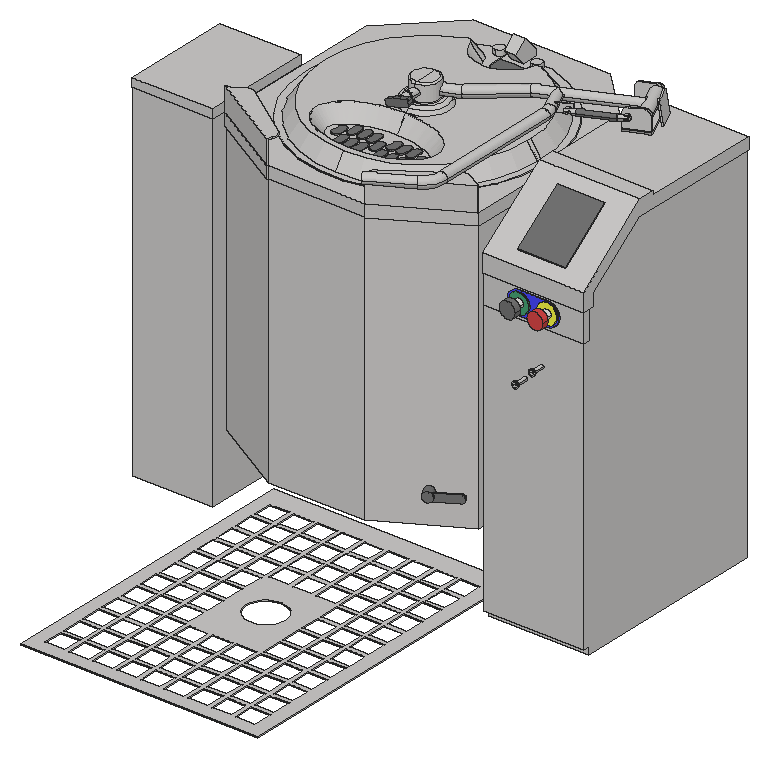
Revit family "QF_DIETATEC_CELER_80_180516035346", category Specialty Equipment, Revit 2015 (continued)
Definition of nested family "QF_Dietatec_CELER_80_FL"
  Lines and regions (mm)
    symbolic lines
      curve 163: line (383.5, -1234.5, 0) -> (433.5, -1234.5, 0)
      curve 164: line (383.5, -1184.5, 0) -> (383.5, -1234.5, 0)
      curve 165: line (433.5, -1184.5, 0) -> (383.5, -1184.5, 0)
      curve 166: line (433.5, -1234.5, 0) -> (433.5, -1184.5, 0)
      curve 167: line (443.5, -1234.5, 0) -> (493.5, -1234.5, 0)
      curve 168: line (443.5, -1184.5, 0) -> (443.5, -1234.5, 0)
      curve 169: line (493.5, -1184.5, 0) -> (443.5, -1184.5, 0)
      curve 170: line (493.5, -1234.5, 0) -> (493.5, -1184.5, 0)
      curve 171: line (503.5, -1234.5, 0) -> (553.5, -1234.5, 0)
      curve 172: line (503.5, -1184.5, 0) -> (503.5, -1234.5, 0)
      curve 173: line (553.5, -1184.5, 0) -> (503.5, -1184.5, 0)
      curve 174: line (553.5, -1234.5, 0) -> (553.5, -1184.5, 0)
      curve 175: line (563.5, -1234.5, 0) -> (613.5, -1234.5, 0)
      curve 176: line (563.5, -1184.5, 0) -> (563.5, -1234.5, 0)
      curve 177: line (613.5, -1184.5, 0) -> (563.5, -1184.5, 0)
      curve 178: line (613.5, -1234.5, 0) -> (613.5, -1184.5, 0)
      curve 179: line (83.5, -1174.5, 0) -> (133.5, -1174.5, 0)
      curve 180: line (83.5, -1124.5, 0) -> (83.5, -1174.5, 0)
      curve 181: line (133.5, -1124.5, 0) -> (83.5, -1124.5, 0)
      curve 182: line (133.5, -1174.5, 0) -> (133.5, -1124.5, 0)
      curve 183: line (143.5, -1174.5, 0) -> (193.5, -1174.5, 0)
      curve 184: line (143.5, -1124.5, 0) -> (143.5, -1174.5, 0)
      curve 185: line (193.5, -1124.5, 0) -> (143.5, -1124.5, 0)
      curve 186: line (193.5, -1174.5, 0) -> (193.5, -1124.5, 0)
      curve 187: line (203.5, -1174.5, 0) -> (253.5, -1174.5, 0)
      curve 188: line (203.5, -1124.5, 0) -> (203.5, -1174.5, 0)
      curve 189: line (253.5, -1124.5, 0) -> (203.5, -1124.5, 0)
      curve 190: line (253.5, -1174.5, 0) -> (253.5, -1124.5, 0)
      curve 191: line (263.5, -1174.5, 0) -> (313.5, -1174.5, 0)
      curve 192: line (263.5, -1124.5, 0) -> (263.5, -1174.5, 0)
      curve 193: line (313.5, -1124.5, 0) -> (263.5, -1124.5, 0)
      curve 194: line (313.5, -1174.5, 0) -> (313.5, -1124.5, 0)
      curve 195: line (323.5, -1174.5, 0) -> (373.5, -1174.5, 0)
      curve 196: line (323.5, -1124.5, 0) -> (323.5, -1174.5, 0)
      curve 197: line (373.5, -1124.5, 0) -> (323.5, -1124.5, 0)
      curve 198: line (373.5, -1174.5, 0) -> (373.5, -1124.5, 0)
      curve 199: line (383.5, -1174.5, 0) -> (433.5, -1174.5, 0)
      curve 200: line (383.5, -1124.5, 0) -> (383.5, -1174.5, 0)
      curve 201: line (433.5, -1124.5, 0) -> (383.5, -1124.5, 0)
      curve 202: line (433.5, -1174.5, 0) -> (433.5, -1124.5, 0)
      curve 203: line (443.5, -1174.5, 0) -> (493.5, -1174.5, 0)
      curve 204: line (443.5, -1124.5, 0) -> (443.5, -1174.5, 0)
      curve 205: line (493.5, -1124.5, 0) -> (443.5, -1124.5, 0)
      curve 206: line (493.5, -1174.5, 0) -> (493.5, -1124.5, 0)
      curve 207: line (503.5, -1174.5, 0) -> (553.5, -1174.5, 0)
      curve 208: line (503.5, -1124.5, 0) -> (503.5, -1174.5, 0)
      curve 209: line (553.5, -1124.5, 0) -> (503.5, -1124.5, 0)
      curve 210: line (553.5, -1174.5, 0) -> (553.5, -1124.5, 0)
      curve 211: line (563.5, -1174.5, 0) -> (613.5, -1174.5, 0)
      curve 212: line (563.5, -1124.5, 0) -> (563.5, -1174.5, 0)
      curve 213: line (613.5, -1124.5, 0) -> (563.5, -1124.5, 0)
      curve 214: line (613.5, -1174.5, 0) -> (613.5, -1124.5, 0)
      curve 215: line (83.5, -1114.5, 0) -> (133.5, -1114.5, 0)
      curve 216: line (83.5, -1064.5, 0) -> (83.5, -1114.5, 0)
      curve 217: line (133.5, -1064.5, 0) -> (83.5, -1064.5, 0)
      curve 218: line (133.5, -1114.5, 0) -> (133.5, -1064.5, 0)
      curve 219: line (143.5, -1114.5, 0) -> (193.5, -1114.5, 0)
      curve 220: line (143.5, -1064.5, 0) -> (143.5, -1114.5, 0)
      curve 221: line (193.5, -1064.5, 0) -> (143.5, -1064.5, 0)
      curve 222: line (193.5, -1114.5, 0) -> (193.5, -1064.5, 0)
      curve 223: line (203.5, -1114.5, 0) -> (253.5, -1114.5, 0)
      curve 224: line (203.5, -1064.5, 0) -> (203.5, -1114.5, 0)
      curve 225: line (253.5, -1064.5, 0) -> (203.5, -1064.5, 0)
      curve 226: line (253.5, -1114.5, 0) -> (253.5, -1064.5, 0)
      curve 227: line (263.5, -1114.5, 0) -> (313.5, -1114.5, 0)
      curve 228: line (263.5, -1064.5, 0) -> (263.5, -1114.5, 0)
      curve 229: line (313.5, -1064.5, 0) -> (263.5, -1064.5, 0)
      curve 230: line (313.5, -1114.5, 0) -> (313.5, -1064.5, 0)
      curve 231: line (323.5, -1114.5, 0) -> (373.5, -1114.5, 0)
      curve 232: line (323.5, -1064.5, 0) -> (323.5, -1114.5, 0)
      curve 233: line (373.5, -1064.5, 0) -> (323.5, -1064.5, 0)
      curve 234: line (373.5, -1114.5, 0) -> (373.5, -1064.5, 0)
      curve 235: line (383.5, -1114.5, 0) -> (433.5, -1114.5, 0)
      curve 236: line (383.5, -1064.5, 0) -> (383.5, -1114.5, 0)
      curve 237: line (433.5, -1064.5, 0) -> (383.5, -1064.5, 0)
      curve 238: line (433.5, -1114.5, 0) -> (433.5, -1064.5, 0)
      curve 239: line (443.5, -1114.5, 0) -> (493.5, -1114.5, 0)
      curve 240: line (443.5, -1064.5, 0) -> (443.5, -1114.5, 0)
      curve 241: line (493.5, -1064.5, 0) -> (443.5, -1064.5, 0)
      curve 242: line (493.5, -1114.5, 0) -> (493.5, -1064.5, 0)
      curve 243: line (503.5, -1114.5, 0) -> (553.5, -1114.5, 0)
      curve 244: line (503.5, -1064.5, 0) -> (503.5, -1114.5, 0)
      curve 245: line (553.5, -1064.5, 0) -> (503.5, -1064.5, 0)
      curve 246: line (553.5, -1114.5, 0) -> (553.5, -1064.5, 0)
      curve 247: line (563.5, -1114.5, 0) -> (613.5, -1114.5, 0)
      curve 248: line (563.5, -1064.5, 0) -> (563.5, -1114.5, 0)
      curve 249: line (613.5, -1064.5, 0) -> (563.5, -1064.5, 0)
      curve 250: line (613.5, -1114.5, 0) -> (613.5, -1064.5, 0)
      curve 251: line (83.5, -1054.5, 0) -> (133.5, -1054.5, 0)
      curve 252: line (83.5, -1004.5, 0) -> (83.5, -1054.5, 0)
      curve 253: line (133.5, -1004.5, 0) -> (83.5, -1004.5, 0)
      curve 254: line (133.5, -1054.5, 0) -> (133.5, -1004.5, 0)
      curve 255: line (143.5, -1054.5, 0) -> (193.5, -1054.5, 0)
      curve 256: line (143.5, -1004.5, 0) -> (143.5, -1054.5, 0)
      curve 257: line (193.5, -1004.5, 0) -> (143.5, -1004.5, 0)
      curve 258: line (193.5, -1054.5, 0) -> (193.5, -1004.5, 0)
      curve 259: line (203.5, -1054.5, 0) -> (253.5, -1054.5, 0)
      curve 260: line (203.5, -1004.5, 0) -> (203.5, -1054.5, 0)
      curve 261: line (253.5, -1004.5, 0) -> (203.5, -1004.5, 0)
      curve 262: line (253.5, -1054.5, 0) -> (253.5, -1004.5, 0)
      curve 263: line (263.5, -1054.5, 0) -> (313.5, -1054.5, 0)
      curve 264: line (263.5, -1004.5, 0) -> (263.5, -1054.5, 0)
      curve 265: line (313.5, -1004.5, 0) -> (263.5, -1004.5, 0)
      curve 266: line (313.5, -1054.5, 0) -> (313.5, -1004.5, 0)
      curve 267: line (323.5, -1054.5, 0) -> (373.5, -1054.5, 0)
      curve 268: line (323.5, -1004.5, 0) -> (323.5, -1054.5, 0)
      curve 269: line (373.5, -1004.5, 0) -> (323.5, -1004.5, 0)
      curve 270: line (373.5, -1054.5, 0) -> (373.5, -1004.5, 0)
      curve 271: line (383.5, -1054.5, 0) -> (433.5, -1054.5, 0)
      curve 272: line (383.5, -1004.5, 0) -> (383.5, -1054.5, 0)
      curve 273: line (433.5, -1004.5, 0) -> (383.5, -1004.5, 0)
      curve 274: line (433.5, -1054.5, 0) -> (433.5, -1004.5, 0)
      curve 275: line (443.5, -1054.5, 0) -> (493.5, -1054.5, 0)
      curve 276: line (443.5, -1004.5, 0) -> (443.5, -1054.5, 0)
      curve 277: line (493.5, -1004.5, 0) -> (443.5, -1004.5, 0)
      curve 278: line (493.5, -1054.5, 0) -> (493.5, -1004.5, 0)
      curve 279: line (503.5, -1054.5, 0) -> (553.5, -1054.5, 0)
      curve 280: line (503.5, -1004.5, 0) -> (503.5, -1054.5, 0)
      curve 281: line (553.5, -1004.5, 0) -> (503.5, -1004.5, 0)
      curve 282: line (553.5, -1054.5, 0) -> (553.5, -1004.5, 0)
      curve 283: line (563.5, -1054.5, 0) -> (613.5, -1054.5, 0)
      curve 284: line (563.5, -1004.5, 0) -> (563.5, -1054.5, 0)
      curve 285: line (613.5, -1004.5, 0) -> (563.5, -1004.5, 0)
      curve 286: line (613.5, -1054.5, 0) -> (613.5, -1004.5, 0)
      curve 287: line (83.5, -994.5, 0) -> (133.5, -994.5, 0)
      curve 288: line (83.5, -944.5, 0) -> (83.5, -994.5, 0)
      curve 289: line (133.5, -944.5, 0) -> (83.5, -944.5, 0)
      curve 290: line (133.5, -994.5, 0) -> (133.5, -944.5, 0)
      curve 291: line (143.5, -994.5, 0) -> (193.5, -994.5, 0)
      curve 292: line (143.5, -944.5, 0) -> (143.5, -994.5, 0)
      curve 293: line (193.5, -944.5, 0) -> (143.5, -944.5, 0)
      curve 294: line (193.5, -994.5, 0) -> (193.5, -944.5, 0)
      curve 295: line (203.5, -994.5, 0) -> (253.5, -994.5, 0)
      curve 296: line (203.5, -944.5, 0) -> (203.5, -994.5, 0)
      curve 297: line (253.5, -944.5, 0) -> (203.5, -944.5, 0)
      curve 298: line (253.5, -994.5, 0) -> (253.5, -944.5, 0)
      curve 299: line (443.5, -994.5, 0) -> (493.5, -994.5, 0)
      curve 300: line (443.5, -944.5, 0) -> (443.5, -994.5, 0)
      curve 301: line (493.5, -944.5, 0) -> (443.5, -944.5, 0)
      curve 302: line (493.5, -994.5, 0) -> (493.5, -944.5, 0)
      curve 303: line (503.5, -994.5, 0) -> (553.5, -994.5, 0)
      curve 304: line (503.5, -944.5, 0) -> (503.5, -994.5, 0)
      curve 305: line (553.5, -944.5, 0) -> (503.5, -944.5, 0)
      curve 306: line (553.5, -994.5, 0) -> (553.5, -944.5, 0)
      curve 307: line (563.5, -994.5, 0) -> (613.5, -994.5, 0)
      curve 308: line (563.5, -944.5, 0) -> (563.5, -994.5, 0)
      curve 309: line (613.5, -944.5, 0) -> (563.5, -944.5, 0)
      curve 310: line (613.5, -994.5, 0) -> (613.5, -944.5, 0)
      curve 311: line (83.5, -934.5, 0) -> (133.5, -934.5, 0)
      curve 312: line (83.5, -884.5, 0) -> (83.5, -934.5, 0)
      curve 313: line (133.5, -884.5, 0) -> (83.5, -884.5, 0)
      curve 314: line (133.5, -934.5, 0) -> (133.5, -884.5, 0)
      curve 315: line (143.5, -934.5, 0) -> (193.5, -934.5, 0)
      curve 316: line (143.5, -884.5, 0) -> (143.5, -934.5, 0)
      curve 317: line (193.5, -884.5, 0) -> (143.5, -884.5, 0)
      curve 318: line (193.5, -934.5, 0) -> (193.5, -884.5, 0)
      curve 319: line (203.5, -934.5, 0) -> (253.5, -934.5, 0)
      curve 320: line (203.5, -884.5, 0) -> (203.5, -934.5, 0)
      curve 321: line (253.5, -884.5, 0) -> (203.5, -884.5, 0)
      curve 322: line (253.5, -934.5, 0) -> (253.5, -884.5, 0)
      curve 323: line (443.5, -934.5, 0) -> (493.5, -934.5, 0)
      curve 324: line (443.5, -884.5, 0) -> (443.5, -934.5, 0)
      curve 325: line (493.5, -884.5, 0) -> (443.5, -884.5, 0)
      curve 326: line (493.5, -934.5, 0) -> (493.5, -884.5, 0)
      curve 327: line (503.5, -934.5, 0) -> (553.5, -934.5, 0)
      curve 328: line (503.5, -884.5, 0) -> (503.5, -934.5, 0)
      curve 329: line (553.5, -884.5, 0) -> (503.5, -884.5, 0)
      curve 330: line (553.5, -934.5, 0) -> (553.5, -884.5, 0)
      curve 331: line (563.5, -934.5, 0) -> (613.5, -934.5, 0)
      curve 332: line (563.5, -884.5, 0) -> (563.5, -934.5, 0)
      curve 333: line (613.5, -884.5, 0) -> (563.5, -884.5, 0)
      curve 334: line (613.5, -934.5, 0) -> (613.5, -884.5, 0)
      curve 335: line (83.5, -874.5, 0) -> (133.5, -874.5, 0)
      curve 336: line (83.5, -824.5, 0) -> (83.5, -874.5, 0)
      curve 337: line (133.5, -824.5, 0) -> (83.5, -824.5, 0)
      curve 338: line (133.5, -874.5, 0) -> (133.5, -824.5, 0)
      curve 339: line (143.5, -874.5, 0) -> (193.5, -874.5, 0)
      curve 340: line (143.5, -824.5, 0) -> (143.5, -874.5, 0)
      curve 341: line (193.5, -824.5, 0) -> (143.5, -824.5, 0)
      curve 342: line (193.5, -874.5, 0) -> (193.5, -824.5, 0)
      curve 343: line (203.5, -874.5, 0) -> (253.5, -874.5, 0)
      curve 344: line (203.5, -824.5, 0) -> (203.5, -874.5, 0)
      curve 345: line (253.5, -824.5, 0) -> (203.5, -824.5, 0)
      curve 346: line (253.5, -874.5, 0) -> (253.5, -824.5, 0)
      curve 347: line (443.5, -874.5, 0) -> (493.5, -874.5, 0)
      curve 348: line (443.5, -824.5, 0) -> (443.5, -874.5, 0)
      curve 349: line (493.5, -824.5, 0) -> (443.5, -824.5, 0)
      curve 350: line (493.5, -874.5, 0) -> (493.5, -824.5, 0)
      curve 351: line (503.5, -874.5, 0) -> (553.5, -874.5, 0)
      curve 352: line (503.5, -824.5, 0) -> (503.5, -874.5, 0)
      curve 353: line (553.5, -824.5, 0) -> (503.5, -824.5, 0)
      curve 354: line (553.5, -874.5, 0) -> (553.5, -824.5, 0)
      curve 355: line (563.5, -874.5, 0) -> (613.5, -874.5, 0)
      curve 356: line (563.5, -824.5, 0) -> (563.5, -874.5, 0)
      curve 357: line (613.5, -824.5, 0) -> (563.5, -824.5, 0)
      curve 358: line (613.5, -874.5, 0) -> (613.5, -824.5, 0)
      curve 359: line (83.5, -814.5, 0) -> (133.5, -814.5, 0)
      curve 360: line (83.5, -764.5, 0) -> (83.5, -814.5, 0)
      curve 361: line (133.5, -764.5, 0) -> (83.5, -764.5, 0)
      curve 362: line (133.5, -814.5, 0) -> (133.5, -764.5, 0)
      curve 363: line (143.5, -814.5, 0) -> (193.5, -814.5, 0)
      curve 364: line (143.5, -764.5, 0) -> (143.5, -814.5, 0)
      curve 365: line (193.5, -764.5, 0) -> (143.5, -764.5, 0)
      curve 366: line (193.5, -814.5, 0) -> (193.5, -764.5, 0)
      curve 367: line (203.5, -814.5, 0) -> (253.5, -814.5, 0)
      curve 368: line (203.5, -764.5, 0) -> (203.5, -814.5, 0)
      curve 369: line (253.5, -764.5, 0) -> (203.5, -764.5, 0)
      curve 370: line (253.5, -814.5, 0) -> (253.5, -764.5, 0)
      curve 371: line (443.5, -814.5, 0) -> (493.5, -814.5, 0)
      curve 372: line (443.5, -764.5, 0) -> (443.5, -814.5, 0)
      curve 373: line (493.5, -764.5, 0) -> (443.5, -764.5, 0)
      curve 374: line (493.5, -814.5, 0) -> (493.5, -764.5, 0)
      curve 375: line (503.5, -814.5, 0) -> (553.5, -814.5, 0)
      curve 376: line (503.5, -764.5, 0) -> (503.5, -814.5, 0)
      curve 377: line (553.5, -764.5, 0) -> (520.361, -764.5, 0)
      curve 378: line (553.5, -814.5, 0) -> (553.5, -764.5, 0)
      curve 379: line (563.5, -814.5, 0) -> (613.5, -814.5, 0)
      curve 380: line (563.5, -764.5, 0) -> (563.5, -814.5, 0)
      curve 381: line (613.5, -764.5, 0) -> (563.5, -764.5, 0)
      curve 382: line (613.5, -814.5, 0) -> (613.5, -764.5, 0)
      curve 383: line (83.5, -754.5, 0) -> (133.5, -754.5, 0)
      curve 384: line (83.5, -704.5, 0) -> (83.5, -754.5, 0)
      curve 385: line (133.5, -704.5, 0) -> (83.5, -704.5, 0)
      curve 386: line (133.5, -754.5, 0) -> (133.5, -704.5, 0)
      curve 387: line (143.5, -754.5, 0) -> (193.5, -754.5, 0)
      curve 388: line (143.5, -704.5, 0) -> (143.5, -754.5, 0)
      curve 389: line (193.5, -704.5, 0) -> (143.5, -704.5, 0)
      curve 390: line (193.5, -754.5, 0) -> (193.5, -704.5, 0)
      curve 391: line (203.5, -754.5, 0) -> (253.5, -754.5, 0)
      curve 392: line (203.5, -704.5, 0) -> (203.5, -754.5, 0)
      curve 393: line (211.034, -704.5, 0) -> (203.5, -704.5, 0)
      curve 394: line (253.5, -754.5, 0) -> (253.5, -710, 0)
      curve 395: line (263.5, -754.5, 0) -> (313.5, -754.5, 0)
      curve 396: line (263.5, -710, 0) -> (263.5, -754.5, 0)
      curve 397: line (313.5, -754.5, 0) -> (313.5, -710, 0)
      curve 398: line (323.5, -754.5, 0) -> (373.5, -754.5, 0)
      curve 399: line (323.5, -710, 0) -> (323.5, -754.5, 0)
      curve 400: line (373.5, -754.5, 0) -> (373.5, -710, 0)
      curve 401: line (383.5, -754.5, 0) -> (433.5, -754.5, 0)
      curve 402: line (383.5, -710, 0) -> (383.5, -754.5, 0)
      curve 403: line (433.5, -754.5, 0) -> (433.5, -710, 0)
      curve 404: line (443.5, -754.5, 0) -> (493.5, -754.5, 0)
      curve 405: line (443.5, -710, 0) -> (443.5, -754.5, 0)
      curve 406: line (493.5, -704.5, 0) -> (485.966, -704.5, 0)
      curve 407: line (493.5, -754.5, 0) -> (493.5, -704.5, 0)
      curve 408: line (537.681, -754.5, 0) -> (553.5, -754.5, 0)
      curve 409: line (503.5, -704.5, 0) -> (503.5, -745.367, 0)
      curve 410: line (553.5, -704.5, 0) -> (503.5, -704.5, 0)
      curve 411: line (553.5, -754.5, 0) -> (553.5, -745.367, 0)
      curve 412: line (563.5, -754.5, 0) -> (613.5, -754.5, 0)
      curve 413: line (563.5, -704.5, 0) -> (563.5, -710.726, 0)
      curve 414: line (574.284, -704.5, 0) -> (563.5, -704.5, 0)
      curve 415: line (613.5, -754.5, 0) -> (613.5, -710.225, 0)
      curve 416: line (83.5, -694.5, 0) -> (133.5, -694.5, 0)
      curve 417: line (83.5, -644.5, 0) -> (83.5, -694.5, 0)
      curve 418: line (107.111, -644.5, 0) -> (83.5, -644.5, 0)
      curve 419: line (133.5, -694.5, 0) -> (133.5, -659.736, 0)
      curve 420: line (143.5, -694.5, 0) -> (193.713, -694.5, 0)
      curve 421: line (143.5, -665.509, 0) -> (143.5, -694.5, 0)
      curve 422: line (503.287, -694.5, 0) -> (553.5, -694.5, 0)
      curve 423: line (553.5, -694.5, 0) -> (553.5, -665.509, 0)
      curve 424: line (563.5, -694.5, 0) -> (591.604, -694.5, 0)
      curve 425: line (563.5, -659.736, 0) -> (563.5, -694.5, 0)
      curve 426: line (613.5, -644.5, 0) -> (595.852, -644.5, 0)
      curve 427: line (1.5, -526, 0) -> (0, -526, 0)
      curve 428: line (1.5, -526, 0) -> (1.5, -519.5, 0)
      curve 429: line (1.5, -519.5, 0) -> (10, -519.5, 0)
      curve 430: line (10, -519.5, 0) -> (10, -520.45, 0)
      curve 431: line (10, -520.45, 0) -> (24.65, -520.45, 0)
      curve 432: line (24.65, -520.45, 0) -> (24.65, -521.381, 0)
      curve 433: arc (24.65, -521.381, 0) -> (25.866, -521.401, 0) -> (27, -521.838, 0) r 3.478
      curve 434: line (695.5, -426, 0) -> (697, -426, 0)
      curve 435: line (695.5, -426, 0) -> (695.5, -432.5, 0)
      curve 436: line (695.5, -432.5, 0) -> (687, -432.5, 0)
      curve 437: line (687, -432.5, 0) -> (687, -431.55, 0)
      curve 438: line (687, -431.55, 0) -> (672.35, -431.55, 0)
      curve 439: line (672.35, -431.55, 0) -> (672.35, -430.619, 0)
      curve 440: arc (672.35, -430.619, 0) -> (671.134, -430.599, 0) -> (670, -430.162, 0) r 3.478
      curve 441: line (687, -432.5, 0) -> (687, -519.5, 0)
      curve 442: line (695.5, -526, 0) -> (697, -526, 0)
      curve 443: line (695.5, -526, 0) -> (695.5, -519.5, 0)
      curve 444: line (695.5, -519.5, 0) -> (687, -519.5, 0)
      curve 445: line (687, -519.5, 0) -> (687, -520.45, 0)
      curve 446: line (687, -520.45, 0) -> (672.35, -520.45, 0)
      curve 447: line (672.35, -520.45, 0) -> (672.35, -521.381, 0)
      curve 448: arc (672.35, -521.381, 0) -> (671.134, -521.401, 0) -> (670, -521.838, 0) r 3.478
      curve 449: line (553.5, -716.5, 0) -> (553.5, -704.5, 0)
      curve 450: line (563.5, -739.594, 0) -> (563.5, -754.5, 0)
      curve 451: line (507.678, -764.5, 0) -> (503.5, -764.5, 0)
      curve 452: arc (613.294, -660.286, 0) -> (608.26, -679.072, 0) -> (594.508, -692.823, 0) r 37.57
      curve 453: arc (607.378, -714.261, 0) -> (630.043, -691.595, 0) -> (638.34, -660.633, 0) r 61.924
      curve 454: arc (638.34, -336.112, 0) -> (636.849, -322.498, 0) -> (632.446, -309.528, 0) r 62.903
      curve 455: arc (609.948, -320.436, 0) -> (612.447, -327.799, 0) -> (613.294, -335.528, 0) r 35.711
      curve 456: line (655.004, -281.002, 0) -> (625.549, -294.737, 0)
      curve 457: line (626.817, -297.456, 0) -> (656.272, -283.721, 0)
      curve 458: line (656.272, -283.721, 0) -> (655.004, -281.002, 0)
      curve 459: line (640.514, -276.449, 0) -> (644.139, -274.759, 0)
      curve 460: line (653.665, -288.089, 0) -> (644.602, -292.316, 0)
      curve 461: line (653.34, -305.494, 0) -> (658.144, -303.255, 0)
      curve 462: line (666.354, -282.765, 0) -> (672.693, -296.36, 0)
      curve 463: line (740.671, -248.111, 0) -> (747.01, -261.705, 0)
      curve 464: line (640.514, -276.449, 0) -> (640.03, -277.778, 0)
      curve 465: line (640.03, -277.778, 0) -> (643.939, -286.162, 0)
      curve 466: line (644.602, -292.316, 0) -> (643.394, -289.726, 0)
      curve 467: line (644.139, -274.759, 0) -> (645.468, -275.243, 0)
      curve 468: line (645.468, -275.243, 0) -> (649.377, -283.626, 0)
      curve 469: line (653.665, -288.089, 0) -> (652.458, -285.5, 0)
      curve 470: line (653.34, -305.494, 0) -> (652.03, -302.685, 0)
      curve 471: line (648.187, -294.547, 0) -> (646.412, -291.472, 0)
      curve 472: line (658.144, -303.255, 0) -> (656.834, -300.445, 0)
      curve 473: line (653.07, -292.27, 0) -> (651.855, -288.933, 0)
      curve 474: line (644.634, -296.204, 0) -> (667.622, -285.484, 0)
      curve 475: line (648.437, -304.36, 0) -> (671.425, -293.641, 0)
      curve 476: arc (644.634, -296.204, 0) -> (645.287, -300.864, 0) -> (648.437, -304.36, 0) r 8.039
      curve 477: line (666.354, -282.765, 0) -> (740.671, -248.111, 0)
      curve 478: line (672.693, -296.36, 0) -> (747.01, -261.705, 0)
      curve 479: line (764.924, -240.112, 0) -> (741.939, -250.829, 0)
      curve 480: line (768.727, -248.268, 0) -> (745.743, -258.986, 0)
      curve 481: arc (764.924, -240.112, 0) -> (768.071, -243.609, 0) -> (768.727, -248.268, 0) r 8.055
      curve 482: line (761.644, -254.992, 0) -> (766.448, -252.752, 0)
      curve 483: line (766.448, -252.752, 0) -> (765.138, -249.942, 0)
      curve 484: line (761.374, -241.767, 0) -> (760.159, -238.43, 0)
      curve 485: line (761.644, -254.992, 0) -> (760.334, -252.182, 0)
      curve 486: line (756.491, -244.044, 0) -> (754.716, -240.969, 0)
      curve 487: line (752.906, -241.813, 0) -> (761.969, -237.586, 0)
      curve 488: line (761.969, -237.586, 0) -> (760.656, -234.77, 0)
      curve 489: line (752.906, -241.813, 0) -> (751.593, -238.996, 0)
      curve 490: line (748.334, -227.276, 0) -> (748.818, -225.947, 0)
      curve 491: line (748.818, -225.947, 0) -> (752.443, -224.256, 0)
      curve 492: line (752.443, -224.256, 0) -> (753.772, -224.74, 0)
      curve 493: line (753.772, -224.74, 0) -> (757.153, -231.99, 0)
      curve 494: line (748.334, -227.276, 0) -> (751.715, -234.526, 0)
      curve 495: line (613.294, -651.772, 0) -> (603.362, -657.506, 0)
      curve 496: line (638.34, -643.085, 0) -> (648.5, -637.219, 0)
      curve 497: line (638.34, -616.527, 0) -> (648.5, -610.661, 0)
      curve 498: arc (638.34, -443.415, 0) -> (645.949, -405.039, 0) -> (648.5, -366, 0) r 300
      curve 499: arc (579.884, -244.312, 0) -> (524.124, -168.466, 0) -> (444.788, -117.796, 0) r 256.929
      curve 500: arc (620.853, -225.207, 0) -> (542.845, -122.461, 0) -> (428.9, -61.974, 0) r 300
      curve 501: line (727.182, -203.21, 0) -> (745.248, -241.955, 0)
      curve 502: arc (415.5, -60.145, 0) -> (422.262, -60.605, 0) -> (428.9, -61.974, 0) r 50
      curve 503: arc (406.018, -352.971, 0) -> (397.26, -399.174, 0) -> (357.5, -424.284, 0) r 58.975
      curve 504: arc (333.5, -88.405, 0) -> (323.7, -89.108, 0) -> (313.931, -90.158, 0) r 278
      curve 505: spline (348.5, -608, 0) -> (309.057, -605.045, 0) -> (272.205, -596.374, 0) -> (240.363, -582.556, 0) -> (215.622, -564.499, 0) -> (199.606, -543.388, 0) -> (193.369, -520.611, 0) -> (197.318, -497.661, 0) -> (211.195, -476.048, 0) -> (234.089, -457.189, 0) -> (264.496, -442.324, 0) -> (300.419, -432.428, 0) -> (339.5, -428.151, 0)
      curve 506: spline (357.5, -428.151, 0) -> (396.581, -432.428, 0) -> (432.504, -442.324, 0) -> (462.911, -457.189, 0) -> (485.805, -476.048, 0) -> (499.682, -497.661, 0) -> (503.631, -520.611, 0) -> (497.394, -543.388, 0) -> (481.378, -564.499, 0) -> (456.637, -582.556, 0) -> (424.795, -596.374, 0) -> (387.943, -605.045, 0) -> (348.5, -608, 0)
      curve 507: spline (348.5, -456.597, 0) -> (315.804, -458.689, 0) -> (285.336, -464.823, 0) -> (259.172, -474.581, 0) -> (239.096, -487.298, 0) -> (226.476, -502.108, 0) -> (222.171, -518, 0) -> (226.476, -533.892, 0) -> (239.096, -548.702, 0) -> (259.172, -561.419, 0) -> (285.336, -571.177, 0) -> (315.804, -577.311, 0) -> (348.5, -579.403, 0)
      curve 508: spline (348.5, -579.403, 0) -> (381.196, -577.311, 0) -> (411.664, -571.177, 0) -> (437.828, -561.419, 0) -> (457.904, -548.702, 0) -> (470.524, -533.892, 0) -> (474.829, -518, 0) -> (470.524, -502.108, 0) -> (457.904, -487.298, 0) -> (437.828, -474.581, 0) -> (411.664, -464.823, 0) -> (381.196, -458.689, 0) -> (348.5, -456.597, 0)
      curve 509: line (238.5, -503, 0) -> (238.5, -523, 0)
      curve 510: arc (258.5, -503, 0) -> (248.5, -493, 0) -> (238.5, -503, 0) r 10
      curve 511: line (258.5, -523, 0) -> (258.5, -503, 0)
      curve 512: arc (238.5, -523, 0) -> (248.5, -533, 0) -> (258.5, -523, 0) r 10
      curve 513: arc (283.5, -530.5, 0) -> (273.5, -520.5, 0) -> (263.5, -530.5, 0) r 10
      curve 514: line (283.5, -550.5, 0) -> (283.5, -530.5, 0)
      curve 515: arc (263.5, -550.5, 0) -> (273.5, -560.5, 0) -> (283.5, -550.5, 0) r 10
      curve 516: arc (288.5, -550.5, 0) -> (298.5, -560.5, 0) -> (308.5, -550.5, 0) r 10
      curve 517: line (288.5, -530.5, 0) -> (288.5, -550.5, 0)
      curve 518: arc (308.5, -530.5, 0) -> (298.5, -520.5, 0) -> (288.5, -530.5, 0) r 10
      curve 519: line (308.5, -550.5, 0) -> (308.5, -530.5, 0)
      curve 520: arc (333.5, -530.5, 0) -> (323.5, -520.5, 0) -> (313.5, -530.5, 0) r 10
      curve 521: line (333.5, -550.5, 0) -> (333.5, -530.5, 0)
      curve 522: arc (313.5, -550.5, 0) -> (323.5, -560.5, 0) -> (333.5, -550.5, 0) r 10
      curve 523: arc (263.5, -505.5, 0) -> (273.5, -515.5, 0) -> (283.5, -505.5, 0) r 10
      curve 524: line (263.5, -485.5, 0) -> (263.5, -505.5, 0)
      curve 525: arc (283.5, -485.5, 0) -> (273.5, -475.5, 0) -> (263.5, -485.5, 0) r 10
      curve 526: line (283.5, -505.5, 0) -> (283.5, -485.5, 0)
      curve 527: arc (308.5, -485.5, 0) -> (298.5, -475.5, 0) -> (288.5, -485.5, 0) r 10
      curve 528: line (288.5, -485.5, 0) -> (288.5, -505.5, 0)
      curve 529: arc (288.5, -505.5, 0) -> (298.5, -515.5, 0) -> (308.5, -505.5, 0) r 10
      curve 530: line (308.5, -505.5, 0) -> (308.5, -485.5, 0)
      curve 531: line (313.5, -485.5, 0) -> (313.5, -505.5, 0)
      curve 532: arc (333.5, -485.5, 0) -> (323.5, -475.5, 0) -> (313.5, -485.5, 0) r 10
      curve 533: line (333.5, -505.5, 0) -> (333.5, -485.5, 0)
      curve 534: arc (313.5, -505.5, 0) -> (323.5, -515.5, 0) -> (333.5, -505.5, 0) r 10
      curve 535: line (338.5, -507.75, 0) -> (338.5, -527.75, 0)
      curve 536: arc (358.5, -507.75, 0) -> (348.5, -497.75, 0) -> (338.5, -507.75, 0) r 10
      curve 537: line (358.5, -527.75, 0) -> (358.5, -507.75, 0)
      curve 538: arc (338.5, -527.75, 0) -> (348.5, -537.75, 0) -> (358.5, -527.75, 0) r 10
      curve 539: line (363.5, -530.5, 0) -> (363.5, -550.5, 0)
      curve 540: arc (363.5, -550.5, 0) -> (373.5, -560.5, 0) -> (383.5, -550.5, 0) r 10
      curve 541: arc (383.5, -530.5, 0) -> (373.5, -520.5, 0) -> (363.5, -530.5, 0) r 10
      curve 542: arc (363.5, -505.5, 0) -> (373.5, -515.5, 0) -> (383.5, -505.5, 0) r 10
      curve 543: line (363.5, -485.5, 0) -> (363.5, -505.5, 0)
      curve 544: arc (383.5, -485.5, 0) -> (373.5, -475.5, 0) -> (363.5, -485.5, 0) r 10
      curve 545: line (383.5, -505.5, 0) -> (383.5, -485.5, 0)
      curve 546: line (388.5, -485.5, 0) -> (388.5, -505.5, 0)
      curve 547: arc (408.5, -485.5, 0) -> (398.5, -475.5, 0) -> (388.5, -485.5, 0) r 10
      curve 548: line (408.5, -505.5, 0) -> (408.5, -485.5, 0)
      curve 549: arc (388.5, -505.5, 0) -> (398.5, -515.5, 0) -> (408.5, -505.5, 0) r 10
      curve 550: arc (408.5, -530.5, 0) -> (398.5, -520.5, 0) -> (388.5, -530.5, 0) r 10
      curve 551: line (388.5, -530.5, 0) -> (388.5, -550.5, 0)
      curve 552: arc (388.5, -550.5, 0) -> (398.5, -560.5, 0) -> (408.5, -550.5, 0) r 10
      curve 553: line (408.5, -550.5, 0) -> (408.5, -530.5, 0)
      curve 554: line (413.5, -530.5, 0) -> (413.5, -550.5, 0)
      curve 555: arc (433.5, -530.5, 0) -> (423.5, -520.5, 0) -> (413.5, -530.5, 0) r 10
      curve 556: arc (413.5, -550.5, 0) -> (423.5, -560.5, 0) -> (433.5, -550.5, 0) r 10
      curve 557: arc (413.5, -505.5, 0) -> (423.5, -515.5, 0) -> (433.5, -505.5, 0) r 10
      curve 558: line (413.5, -485.5, 0) -> (413.5, -505.5, 0)
      curve 559: arc (433.5, -485.5, 0) -> (423.5, -475.5, 0) -> (413.5, -485.5, 0) r 10
      curve 560: line (433.5, -505.5, 0) -> (433.5, -485.5, 0)
      curve 561: arc (458.5, -503, 0) -> (448.5, -493, 0) -> (438.5, -503, 0) r 10
      curve 562: line (438.5, -503, 0) -> (438.5, -523, 0)
      curve 563: arc (438.5, -523, 0) -> (448.5, -533, 0) -> (458.5, -523, 0) r 10
      curve 564: line (458.5, -523, 0) -> (458.5, -503, 0)
      curve 565: line (263.5, -530.5, 0) -> (263.5, -550.5, 0)
      curve 566: line (313.5, -530.5, 0) -> (313.5, -550.5, 0)
      curve 567: line (383.5, -530.5, 0) -> (383.5, -550.5, 0)
      curve 568: line (433.5, -530.5, 0) -> (433.5, -550.5, 0)
  Dimensions and locks
    plane 5 "Front" to plane 1 "Back" = 769.992 mm
    plane 3 "Left" to plane 4 "Right" = 950.5 mm
    Extrusion 41 to Extrusion 41 = 1153.5 mm
    aligned and locked: level to plane 2
  Connectors
    electrical at (803.5, -97.5, 120), driven by "Apparent Power", driven by "Volts", driven by "Number of Poles"
      settings: on Extrusion 44, index 4, voltage 230 V, apparent load 0 VA, apparent load phase1 750 VA, apparent load phase2 0 VA, apparent load phase3 0 VA, power factor 1, load classification none, number of poles 1, system type 31, power factor state 1, is connector primary yes, connector utility no, sub classification motor no, connector description "electrical connection"
    piping at (873.5, -97.5, 120), diameter 12.7, driven by "Cold Water Size", driven by "Cold Water Flow"
      settings: on Extrusion 43, index 5, connector inside diameter 609.6 mm, connector length 0 mm, flow factor 0, pipe flow 0.0 L/s, pressure drop 0.0 Pa, fitting loss kfactor 0, connector angle 0.00°, fixture units 0, engagement length 0 mm, angle of deflection 0.00°, flow configuration 1, flow direction 1, fitting loss method 0, system type 20, joint type 0, gender type 0, connector reference index -1, connector utility 0, adjustable connector no, is connector primary yes, connector description "water inlet"
Definition of nested family "QF_Dietatec_KETTLE_LEFT_LEG"
  Parameters (values of type "KETTLE_LEFT_LEG")
    Width [instance] = 0 mm
    Weight in Pounds = 0
    URL Cutsheet = "www.dietatec.com"
    URL = "www.dietatec.com"
    Status [instance] = ""
    Specification by User [instance] = ""
    Specification by Manufacturer = ""
    Show Logo [instance] = yes
    Show Clearance [instance] = yes
    Serial Number = ""
    Seismic Rating = ""
    SMACNA No = ""
    Revision Code [instance] = ""
    NAFEM Spec ID Number = ""
    Model = "KETTLE_LEFT_LEG"
    Masterspec = ""
    Manufacturer = "DIETATEC"
    ListPrice [instance] = 0
    Item Number [instance] = ""
    Installed By [instance] = ""
    Identify Quantity as Lot [instance] = no
    Height [instance] = 0 mm
    Furnished By [instance] = ""
    Foodservice Equipment Identifier [instance] = yes
    Description = "LEFT LEG OF C-CLASSIC AND CELER MODELS"
    Depth [instance] = 0 mm
    CSI MasterFormat = ""
    Assembly Code = "E1090320"
  Reference planes
    plane 1 "Back": y = 0
    plane 2: z = 0
    plane 3 "Left": x = 0
    plane 4 "Right": x = 1153.5
    plane 5 "Front": y = -770
    plane 6 "Top": z = 1000
  Forms (mm)
    Extrusion 1, solid
      sketch origin (-203, 0, 0) x (1, 0, 0) y (0, 1, 0)
        loop
          line (201.5, -326) -> (1.5, -326) -> (1.5, -601) -> (201.5, -601) -> (201.5, -326)
      from 0 to 880
    Extrusion 2, solid
      sketch origin (-1081.5, -472.5, -153) x (1, 0, 0) y (0, 0, 1)
        loop
          circle (930, 278) r 15
      from -150 to -146.5
    Extrusion 3, solid
      sketch origin (-981.5, -472.5, -153) x (1, 0, 0) y (0, 0, 1)
        loop
          circle (930, 278) r 15
      from -150 to -146.5
    Extrusion 4, solid
      sketch origin (-203, 0, 880) x (1, 0, 0) y (0, 1, 0)
        loop
          line (203, -324.5) -> (0, -324.5) -> (0, -602.5) -> (203, -602.5) -> (203, -324.5)
      from 0 to 21
  Lines and regions (mm)
    symbolic lines
      curve 1: line (0, -324.5, 0) -> (-203, -324.5, 0)
      curve 2: line (0, -602.5, 0) -> (0, -324.5, 0)
      curve 3: line (-203, -602.5, 0) -> (0, -602.5, 0)
      curve 4: line (-203, -324.5, 0) -> (-203, -602.5, 0)
  Dimensions and locks
    plane 3 "Left" to plane 4 "Right" = 1153.5 mm
    plane 5 "Front" to plane 1 "Back" = 770 mm
    aligned and locked: level to plane 2
